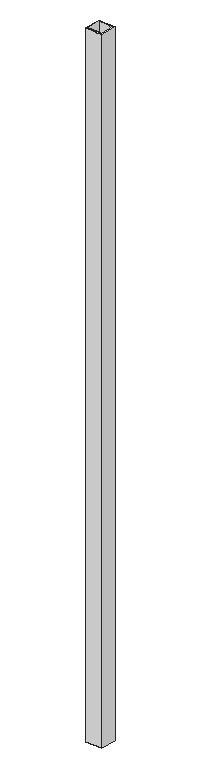
Revit family "角パイプ25×25×1.6", category 機械設備, Revit 2020
Family settings
  丸型コネクタ寸法 = 直径を使用
  種別 = なし
  パーツ タイプ = 標準
  作業面ベース = いいえ
  常に垂直 = はい
  ロード時にボイドで切り取り = いいえ
  共有 = いいえ
  部屋計算ポイント = いいえ
Parameters
  製造元 = "株式会社桐井製作所"
  既定の高さ = 0 mm
  URL = "https://www.kirii.co.jp/"
  K_長さ(mm) [instance] = 1000 mm
  K_材質 = "SGCC一般用　SGC340~570高強度一般用　SGHC一般用"
  K_材料規格 = "25×25×1.6"
  K_品名 = "角パイプ25×25×1.6"
  K_名称 = "圧縮補強材"
  K_バージョン情報 = "20210714"
  K_めっき付着量 = "Z12"
  K_JIS規格 = "JIS G 3302"
Reference planes
  plane 1 "中心(正面/背面)": y = 0
  plane 2: z = 0
  plane 3 "中心(左/右)": x = 0
  plane 4: x = 12.5
  plane 5: x = -12.5
  plane 6: z = 1000
Forms (mm)
  Extrusion 1, solid
    sketch origin (0, 3, 0) x (1, 0, 0) y (0, 1, 0)
      loop
        line (-12.5, -15.5) -> (12.5, -15.5) -> (12.5, 9.5) -> (-12.5, 9.5) -> (-12.5, -15.5)
      loop
        line (10.9, 7.9) -> (-10.9, 7.9) -> (-10.9, -13.9) -> (10.9, -13.9) -> (10.9, 7.9)
    from 0 to 1000
Dimensions and locks
  "K_長さ(mm)": plane 6 to plane 2
  aligned and locked: level to plane 2
  aligned and locked: plane 6 to Extrusion 1
  aligned and locked: plane 5 to Extrusion 1
  aligned and locked: plane 4 to Extrusion 1
Automatic sketch dimensions
  Extrusion 1 sketch curve to plane 5 = 0 mm
  Extrusion 1 sketch curve to plane 4 = 0 mm
  plane 1 "中心(正面/背面)" to Extrusion 1 sketch curve = 12.5 mm
  Extrusion 1 sketch curve to plane 1 "中心(正面/背面)" = 12.5 mm
  plane 5 to Extrusion 1 sketch curve = 1.6 mm
  Extrusion 1 sketch curve to plane 4 = 1.6 mm
  Extrusion 1 sketch curve to Extrusion 1 sketch curve = 1.6 mm  (x2)
